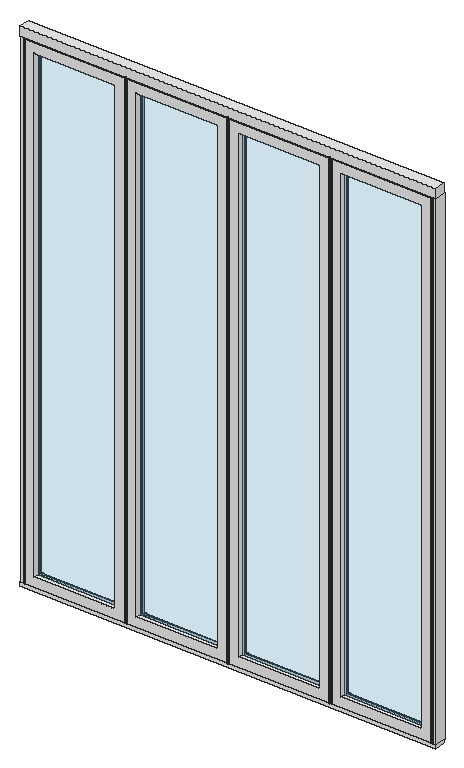
Revit family "98134", category Windows, host Wall, Revit 2018 (continued)
Definition of nested family "Header_SL-70"
  Definition of nested family "Detail Item_Header_SL-70"
    Lines and regions (mm)
      model lines, in view "Ref. Level"
        curve 145: arc (20.06, -15.836, 0) -> (21.121, -16.275, 0) -> (22.182, -15.836, 0) r 1.5
        curve 146: arc (16.621, -32.475, 0) -> (15.348, -33.002, 0) -> (14.821, -34.275, 0) r 1.8
        curve 147: arc (26.621, -27.475, 0) -> (25.348, -28.002, 0) -> (24.821, -29.275, 0) r 1.8
        curve 148: arc (37.121, -21.475, 0) -> (37.414, -22.182, 0) -> (38.121, -22.475, 0) r 1
        curve 149: arc (-9.443, -3.075, 0) -> (-9.193, -3.008, 0) -> (-9.01, -2.825, 0) r 0.5
        curve 150: arc (4.252, -2.825, 0) -> (4.435, -3.008, 0) -> (4.685, -3.075, 0) r 0.5
        curve 151: arc (-5.647, -1.8, 0) -> (-6.147, -1.934, 0) -> (-6.513, -2.3, 0) r 1
        curve 152: arc (1.755, -2.3, 0) -> (1.389, -1.934, 0) -> (0.889, -1.8, 0) r 1
        curve 153: arc (7.621, -2.15, 0) -> (7.562, -2.009, 0) -> (7.421, -1.95, 0) r 0.2
        curve 154: arc (7.421, -6.2, 0) -> (7.562, -6.141, 0) -> (7.621, -6, 0) r 0.2
        curve 155: arc (3.069, -4.575, 0) -> (3.435, -4.941, 0) -> (3.935, -5.075, 0) r 1
        curve 156: arc (-8.692, -5.075, 0) -> (-8.192, -4.941, 0) -> (-7.826, -4.575, 0) r 1
        curve 157: arc (-12.379, -6, 0) -> (-12.32, -6.141, 0) -> (-12.179, -6.2, 0) r 0.2
        curve 158: arc (-12.179, -1.95, 0) -> (-12.32, -2.009, 0) -> (-12.379, -2.15, 0) r 0.2
        curve 159: arc (2.765, -0.25, 0) -> (2.582, -0.067, 0) -> (2.332, 0, 0) r 0.5
        curve 160: arc (-7.09, 0, 0) -> (-7.34, -0.067, 0) -> (-7.523, -0.25, 0) r 0.5
        curve 161: arc (4.685, -21.275, 0) -> (4.435, -21.342, 0) -> (4.252, -21.525, 0) r 0.5
        curve 162: arc (-9.01, -21.525, 0) -> (-9.193, -21.342, 0) -> (-9.443, -21.275, 0) r 0.5
        curve 163: arc (0.889, -22.55, 0) -> (1.389, -22.416, 0) -> (1.755, -22.05, 0) r 1
        curve 164: arc (-6.513, -22.05, 0) -> (-6.147, -22.416, 0) -> (-5.647, -22.55, 0) r 1
        curve 165: arc (-12.379, -22.2, 0) -> (-12.32, -22.341, 0) -> (-12.179, -22.4, 0) r 0.2
        curve 166: arc (-12.179, -18.15, 0) -> (-12.32, -18.209, 0) -> (-12.379, -18.35, 0) r 0.2
        curve 167: arc (-7.826, -19.775, 0) -> (-8.192, -19.409, 0) -> (-8.692, -19.275, 0) r 1
        curve 168: arc (3.935, -19.275, 0) -> (3.435, -19.409, 0) -> (3.069, -19.775, 0) r 1
        curve 169: arc (7.621, -18.35, 0) -> (7.562, -18.209, 0) -> (7.421, -18.15, 0) r 0.2
        curve 170: arc (7.421, -22.4, 0) -> (7.562, -22.341, 0) -> (7.621, -22.2, 0) r 0.2
        curve 171: arc (-7.523, -24.1, 0) -> (-7.34, -24.283, 0) -> (-7.09, -24.35, 0) r 0.5
        curve 172: arc (2.332, -24.35, 0) -> (2.582, -24.283, 0) -> (2.765, -24.1, 0) r 0.5
        curve 209: line (-9.29, -0.075, 0) -> (-12.379, -0.075, 0)
        curve 210: line (-13.179, 0.725, 0) -> (-15.779, 0.725, 0)
        curve 211: line (-15.779, 0.725, 0) -> (-17.079, -0.575, 0)
        curve 212: line (-17.079, -0.575, 0) -> (-17.079, -1.529, 0)
        curve 213: line (-17.079, -1.529, 0) -> (-16.479, -1.875, 0)
        curve 214: line (-16.479, -1.875, 0) -> (-17.079, -2.221, 0)
        curve 215: line (-17.079, -2.221, 0) -> (-17.079, -3.129, 0)
        curve 216: line (-17.079, -3.129, 0) -> (-16.479, -3.475, 0)
        curve 217: line (-22.679, -20.975, 0) -> (-36.879, -20.975, 0)
        curve 218: line (-36.879, -20.975, 0) -> (-36.879, -6.075, 0)
        curve 219: line (-36.879, -6.075, 0) -> (-22.679, -6.075, 0)
        curve 220: line (-22.679, -6.075, 0) -> (-22.679, -20.975, 0)
        curve 221: line (-16.479, -3.475, 0) -> (-17.079, -3.821, 0)
        curve 222: line (-17.079, -3.821, 0) -> (-17.079, -4.729, 0)
        curve 223: line (-17.079, -4.729, 0) -> (-16.479, -5.075, 0)
        curve 224: line (-16.479, -5.075, 0) -> (-17.079, -5.421, 0)
        curve 225: line (-17.079, -5.421, 0) -> (-17.079, -6.329, 0)
        curve 226: line (-17.079, -6.329, 0) -> (-16.479, -6.675, 0)
        curve 227: line (-16.479, -6.675, 0) -> (-17.079, -7.021, 0)
        curve 228: line (-17.079, -7.021, 0) -> (-17.079, -7.929, 0)
        curve 229: line (-17.079, -7.929, 0) -> (-16.479, -8.275, 0)
        curve 230: line (-16.479, -8.275, 0) -> (-17.079, -8.621, 0)
        curve 231: line (-17.079, -8.621, 0) -> (-17.079, -9.975, 0)
        curve 232: line (-9.679, -5.163, 0) -> (-12.079, -6.548, 0)
        curve 233: line (-9.879, -16.763, 0) -> (-12.379, -15.319, 0)
        curve 234: line (-12.379, -15.319, 0) -> (-12.379, -9.031, 0)
        curve 235: line (-12.379, -9.031, 0) -> (-9.879, -7.587, 0)
        curve 236: line (-17.079, -9.975, 0) -> (-17.82, -10.716, 0)
        curve 237: line (-17.82, -10.999, 0) -> (-17.079, -11.741, 0)
        curve 238: line (-17.079, -11.741, 0) -> (-17.079, -12.975, 0)
        curve 239: line (-17.079, -12.975, 0) -> (-18.879, -14.775, 0)
        curve 240: line (-18.879, -14.775, 0) -> (-20.679, -12.975, 0)
        curve 241: line (-20.679, -12.975, 0) -> (-20.679, -11.741, 0)
        curve 242: line (-20.679, -11.741, 0) -> (-19.938, -10.999, 0)
        curve 243: line (-17.818, -15.836, 0) -> (-15.579, -13.596, 0)
        curve 244: line (-15.579, -13.596, 0) -> (-15.579, -9.975, 0)
        curve 245: line (-36.879, -59.275, 0) -> (-36.879, -49.475, 0)
        curve 246: line (-36.879, -49.475, 0) -> (-34.679, -49.475, 0)
        curve 247: line (-34.679, -49.475, 0) -> (-34.679, -51.475, 0)
        curve 248: line (-34.679, -51.475, 0) -> (-33.679, -51.475, 0)
        curve 249: line (-34.179, -58.275, 0) -> (-34.679, -58.275, 0)
        curve 250: line (-34.679, -58.275, 0) -> (-34.679, -59.775, 0)
        curve 251: line (-34.679, -59.775, 0) -> (-34.179, -59.775, 0)
        curve 252: line (-34.179, -59.775, 0) -> (-34.179, -62.26, 0)
        curve 253: line (-33.679, -51.475, 0) -> (-33.679, -49.475, 0)
        curve 254: line (-32.679, -57.775, 0) -> (-31.379, -57.775, 0)
        curve 255: line (-31.379, -57.775, 0) -> (-31.379, -58.975, 0)
        curve 256: line (-31.379, -58.975, 0) -> (-30.879, -58.975, 0)
        curve 257: line (-30.879, -62.075, 0) -> (-31.379, -62.075, 0)
        curve 258: line (-31.379, -62.075, 0) -> (-31.379, -63.275, 0)
        curve 259: line (-31.379, -63.275, 0) -> (-32.679, -63.275, 0)
        curve 260: line (-35.179, -47.975, 0) -> (-36.879, -47.975, 0)
        curve 261: line (-36.879, -47.975, 0) -> (-36.879, -22.475, 0)
        curve 262: line (-36.879, -22.475, 0) -> (-26.399, -22.475, 0)
        curve 263: line (-26.399, -22.475, 0) -> (-25.879, -22.175, 0)
        curve 264: line (-25.879, -22.175, 0) -> (-25.359, -22.475, 0)
        curve 265: line (-25.359, -22.475, 0) -> (-21.379, -22.475, 0)
        curve 266: line (-21.379, -22.475, 0) -> (-21.379, -47.275, 0)
        curve 267: line (-12.379, -44.375, 0) -> (-12.379, -24.275, 0)
        curve 268: line (-12.379, -24.275, 0) -> (-9.29, -24.275, 0)
        curve 269: line (-9.679, -21.363, 0) -> (-12.079, -22.748, 0)
        curve 270: line (-33.879, -64.275, 0) -> (-30.379, -64.275, 0)
        curve 271: line (-30.379, -64.275, 0) -> (-30.379, -62.575, 0)
        curve 272: line (-30.379, -58.475, 0) -> (-30.379, -57.775, 0)
        curve 273: line (-9.386, -2.866, 0) -> (-8.807, -0.704, 0)
        curve 274: line (-21.179, -20.975, 0) -> (-21.179, -15.803, 0)
        curve 275: line (-19.938, -10.716, 0) -> (-20.679, -9.975, 0)
        curve 276: line (-20.679, -9.975, 0) -> (-20.679, -9.421, 0)
        curve 277: line (-20.679, -9.421, 0) -> (-21.279, -9.075, 0)
        curve 278: line (-21.279, -9.075, 0) -> (-20.679, -8.729, 0)
        curve 279: line (-20.679, -8.729, 0) -> (-20.679, -7.821, 0)
        curve 280: line (-20.679, -7.821, 0) -> (-21.279, -7.475, 0)
        curve 281: line (-21.279, -7.475, 0) -> (-20.679, -7.129, 0)
        curve 282: line (-20.679, -7.129, 0) -> (-20.679, -6.221, 0)
        curve 283: line (-20.679, -6.221, 0) -> (-21.279, -5.875, 0)
        curve 284: line (-21.279, -5.875, 0) -> (-20.679, -5.529, 0)
        curve 285: line (-20.679, -5.529, 0) -> (-20.679, -4.621, 0)
        curve 286: line (-20.679, -4.621, 0) -> (-21.279, -4.275, 0)
        curve 287: line (-21.279, -4.275, 0) -> (-20.679, -3.929, 0)
        curve 288: line (-20.679, -3.929, 0) -> (-20.679, -3.021, 0)
        curve 289: line (-20.679, -3.021, 0) -> (-21.279, -2.675, 0)
        curve 290: line (-21.279, -2.675, 0) -> (-20.679, -2.329, 0)
        curve 291: line (-20.679, -2.329, 0) -> (-20.679, -1.421, 0)
        curve 292: line (-20.679, -1.421, 0) -> (-21.279, -1.075, 0)
        curve 293: line (-21.279, -1.075, 0) -> (-20.679, -0.729, 0)
        curve 294: line (-20.679, -0.575, 0) -> (-21.979, 0.725, 0)
        curve 295: line (-21.979, 0.725, 0) -> (-24.477, 0.725, 0)
        curve 296: line (-24.477, 0.725, 0) -> (-24.879, -0.775, 0)
        curve 297: line (-24.879, -0.775, 0) -> (-22.879, -0.775, 0)
        curve 298: line (-22.879, -0.775, 0) -> (-22.879, -4.275, 0)
        curve 299: line (-22.879, -4.275, 0) -> (-29.359, -4.275, 0)
        curve 300: line (-29.359, -4.275, 0) -> (-29.879, -4.575, 0)
        curve 301: line (-29.879, -4.575, 0) -> (-30.399, -4.275, 0)
        curve 302: line (-30.399, -4.275, 0) -> (-36.879, -4.275, 0)
        curve 303: line (-36.879, -4.275, 0) -> (-36.879, -0.775, 0)
        curve 304: line (-36.879, -0.775, 0) -> (-34.879, -0.775, 0)
        curve 305: line (-34.879, -0.775, 0) -> (-35.281, 0.725, 0)
        curve 306: line (-35.281, 0.725, 0) -> (-38.879, 0.725, 0)
        curve 307: line (-38.879, 0.725, 0) -> (-38.879, -59.275, 0)
        curve 308: line (-19.579, -47.075, 0) -> (-19.579, -37.275, 0)
        curve 309: line (-19.579, -37.275, 0) -> (-18.079, -37.275, 0)
        curve 310: line (-18.079, -37.275, 0) -> (-17.862, -39.012, 0)
        curve 311: line (-14.179, -9.975, 0) -> (-14.179, -35.475, 0)
        curve 312: line (-14.179, -35.475, 0) -> (-19.579, -35.475, 0)
        curve 313: line (-19.579, -35.475, 0) -> (-19.579, -22.472, 0)
        curve 314: line (-19.379, -47.975, 0) -> (-19.379, -47.358, 0)
        curve 315: line (-15.896, -39.012, 0) -> (-15.679, -37.275, 0)
        curve 316: line (-15.679, -37.275, 0) -> (-14.179, -37.275, 0)
        curve 317: line (-14.179, -37.275, 0) -> (-14.179, -44.375, 0)
        curve 318: line (-12.379, -22.575, 0) -> (-12.379, -17.975, 0)
        curve 319: line (-12.379, -6.375, 0) -> (-12.379, -1.775, 0)
        curve 320: line (-17.564, -39.275, 0) -> (-16.194, -39.275, 0)
        curve 321: line (-9.379, -19.014, 0) -> (-9.379, -17.629, 0)
        curve 322: line (-9.379, -6.721, 0) -> (-9.379, -5.336, 0)
        curve 323: line (-20.379, -48.275, 0) -> (-19.679, -48.275, 0)
        curve 324: line (-8.807, -23.646, 0) -> (-9.386, -21.484, 0)
        curve 325: line (-31.379, -56.775, 0) -> (-32.679, -56.775, 0)
        curve 326: line (-20.325, -15.45, 0) -> (-19.94, -15.836, 0)
        curve 327: line (-12.079, -17.802, 0) -> (-9.679, -19.187, 0)
        curve 328: line (-12.079, -1.602, 0) -> (-9.679, -2.987, 0)
        curve 329: line (4.532, -0.075, 0) -> (7.621, -0.075, 0)
        curve 330: line (16.621, -47.275, 0) -> (16.621, -34.275, 0)
        curve 331: line (16.621, -34.275, 0) -> (28.219, -34.275, 0)
        curve 332: line (28.219, -34.275, 0) -> (28.621, -32.775, 0)
        curve 333: line (28.621, -32.775, 0) -> (26.621, -32.775, 0)
        curve 334: line (26.621, -32.775, 0) -> (26.621, -29.275, 0)
        curve 335: line (26.621, -29.275, 0) -> (31.851, -29.275, 0)
        curve 336: line (31.851, -29.275, 0) -> (32.371, -28.975, 0)
        curve 337: line (32.371, -28.975, 0) -> (32.891, -29.275, 0)
        curve 338: line (32.891, -29.275, 0) -> (39.321, -29.275, 0)
        curve 339: line (39.321, -29.275, 0) -> (39.321, -32.775, 0)
        curve 340: line (39.321, -32.775, 0) -> (36.121, -32.775, 0)
        curve 341: line (36.121, -32.775, 0) -> (36.523, -34.275, 0)
        curve 342: line (36.523, -34.275, 0) -> (41.121, -34.275, 0)
        curve 343: line (41.121, -34.275, 0) -> (41.121, 0.725, 0)
        curve 344: line (41.121, 0.725, 0) -> (37.523, 0.725, 0)
        curve 345: line (37.523, 0.725, 0) -> (37.121, -0.775, 0)
        curve 346: line (37.121, -0.775, 0) -> (39.121, -0.775, 0)
        curve 347: line (39.121, -0.775, 0) -> (39.121, -4.275, 0)
        curve 348: line (39.121, -4.275, 0) -> (32.641, -4.275, 0)
        curve 349: line (32.641, -4.275, 0) -> (32.121, -4.575, 0)
        curve 350: line (32.121, -4.575, 0) -> (31.601, -4.275, 0)
        curve 351: line (31.601, -4.275, 0) -> (25.121, -4.275, 0)
        curve 352: line (25.121, -4.275, 0) -> (25.121, -0.775, 0)
        curve 353: line (25.121, -0.775, 0) -> (27.121, -0.775, 0)
        curve 354: line (27.121, -0.775, 0) -> (26.719, 0.725, 0)
        curve 355: line (7.321, -1.602, 0) -> (4.921, -2.987, 0)
        curve 356: line (26.719, 0.725, 0) -> (24.221, 0.725, 0)
        curve 357: line (24.221, 0.725, 0) -> (22.921, -0.575, 0)
        curve 358: line (22.921, -0.729, 0) -> (23.521, -1.075, 0)
        curve 359: line (23.521, -1.075, 0) -> (22.921, -1.421, 0)
        curve 360: line (22.921, -1.421, 0) -> (22.921, -2.329, 0)
        curve 361: line (22.921, -2.329, 0) -> (23.521, -2.675, 0)
        curve 362: line (26.921, -21.475, 0) -> (26.921, -20.975, 0)
        curve 363: line (26.921, -20.975, 0) -> (24.921, -20.975, 0)
        curve 364: line (24.921, -20.975, 0) -> (24.921, -6.075, 0)
        curve 365: line (24.921, -6.075, 0) -> (39.121, -6.075, 0)
        curve 366: line (39.121, -6.075, 0) -> (39.121, -20.975, 0)
        curve 367: line (39.121, -20.975, 0) -> (37.121, -20.975, 0)
        curve 368: line (37.121, -20.975, 0) -> (37.121, -21.475, 0)
        curve 369: line (24.921, -22.475, 0) -> (25.921, -22.475, 0)
        curve 370: line (7.621, -44.375, 0) -> (7.621, -24.275, 0)
        curve 371: line (7.621, -24.275, 0) -> (4.532, -24.275, 0)
        curve 372: line (23.521, -2.675, 0) -> (22.921, -3.021, 0)
        curve 373: line (22.921, -3.021, 0) -> (22.921, -3.929, 0)
        curve 374: line (22.921, -3.929, 0) -> (23.521, -4.275, 0)
        curve 375: line (23.521, -4.275, 0) -> (22.921, -4.621, 0)
        curve 376: line (22.921, -4.621, 0) -> (22.921, -5.529, 0)
        curve 377: line (22.921, -5.529, 0) -> (23.521, -5.875, 0)
        curve 378: line (23.521, -5.875, 0) -> (22.921, -6.221, 0)
        curve 379: line (22.921, -6.221, 0) -> (22.921, -7.129, 0)
        curve 380: line (22.921, -7.129, 0) -> (23.521, -7.475, 0)
        curve 381: line (5.121, -16.763, 0) -> (7.621, -15.319, 0)
        curve 382: line (7.621, -15.319, 0) -> (7.621, -9.031, 0)
        curve 383: line (7.621, -9.031, 0) -> (5.121, -7.587, 0)
        curve 384: line (38.121, -22.475, 0) -> (39.121, -22.475, 0)
        curve 385: line (39.121, -22.475, 0) -> (39.121, -27.475, 0)
        curve 386: line (39.121, -27.475, 0) -> (26.621, -27.475, 0)
        curve 387: line (23.521, -7.475, 0) -> (22.921, -7.821, 0)
        curve 388: line (22.921, -7.821, 0) -> (22.921, -8.729, 0)
        curve 389: line (22.921, -8.729, 0) -> (23.521, -9.075, 0)
        curve 390: line (7.321, -17.802, 0) -> (4.921, -19.187, 0)
        curve 391: line (23.521, -9.075, 0) -> (22.921, -9.421, 0)
        curve 392: line (22.921, -9.421, 0) -> (22.921, -9.975, 0)
        curve 393: line (24.821, -29.275, 0) -> (24.821, -32.475, 0)
        curve 394: line (24.821, -32.475, 0) -> (16.621, -32.475, 0)
        curve 395: line (14.821, -34.275, 0) -> (14.821, -35.475, 0)
        curve 396: line (14.821, -35.475, 0) -> (9.421, -35.475, 0)
        curve 397: line (9.421, -35.475, 0) -> (9.421, -1.075, 0)
        curve 398: line (9.421, -1.075, 0) -> (17.221, -1.075, 0)
        curve 399: line (17.221, -1.075, 0) -> (17.221, -9.141, 0)
        curve 400: line (17.221, -9.141, 0) -> (17.821, -9.487, 0)
        curve 401: line (17.821, -9.487, 0) -> (17.821, -13.596, 0)
        curve 402: line (17.821, -13.596, 0) -> (20.06, -15.836, 0)
        curve 403: line (9.421, -44.375, 0) -> (9.421, -37.275, 0)
        curve 404: line (9.421, -37.275, 0) -> (10.921, -37.275, 0)
        curve 405: line (10.921, -37.275, 0) -> (11.138, -39.012, 0)
        curve 406: line (13.104, -39.012, 0) -> (13.321, -37.275, 0)
        curve 407: line (13.321, -37.275, 0) -> (14.821, -37.275, 0)
        curve 408: line (14.821, -37.275, 0) -> (14.821, -47.075, 0)
        curve 409: line (11.436, -39.275, 0) -> (12.806, -39.275, 0)
        curve 410: line (22.921, -9.975, 0) -> (22.18, -10.716, 0)
        curve 411: line (22.18, -10.999, 0) -> (22.921, -11.741, 0)
        curve 412: line (22.921, -11.741, 0) -> (22.921, -12.975, 0)
        curve 413: line (22.921, -12.975, 0) -> (21.121, -14.775, 0)
        curve 414: line (21.121, -14.775, 0) -> (19.321, -12.975, 0)
        curve 415: line (19.321, -12.975, 0) -> (19.321, -11.741, 0)
        curve 416: line (19.321, -11.741, 0) -> (20.062, -10.999, 0)
        curve 417: line (22.182, -15.836, 0) -> (22.568, -15.45, 0)
        curve 418: line (15.621, -48.275, 0) -> (14.921, -48.275, 0)
        curve 419: line (4.049, -23.646, 0) -> (4.628, -21.484, 0)
        curve 420: line (4.621, -19.014, 0) -> (4.621, -17.629, 0)
        curve 421: line (4.621, -6.721, 0) -> (4.621, -5.336, 0)
        curve 422: line (7.621, -22.575, 0) -> (7.621, -17.975, 0)
        curve 423: line (7.621, -6.375, 0) -> (7.621, -1.775, 0)
        curve 424: line (14.621, -47.975, 0) -> (14.621, -47.358, 0)
        curve 425: line (20.062, -10.716, 0) -> (19.321, -9.975, 0)
        curve 426: line (19.321, -9.975, 0) -> (19.321, -8.621, 0)
        curve 427: line (19.321, -8.621, 0) -> (18.721, -8.275, 0)
        curve 428: line (18.721, -8.275, 0) -> (19.321, -7.929, 0)
        curve 429: line (19.321, -7.929, 0) -> (19.321, -7.021, 0)
        curve 430: line (19.321, -7.021, 0) -> (18.721, -6.675, 0)
        curve 431: line (18.721, -6.675, 0) -> (19.321, -6.329, 0)
        curve 432: line (19.321, -6.329, 0) -> (19.321, -5.421, 0)
        curve 433: line (19.321, -5.421, 0) -> (18.721, -5.075, 0)
        curve 434: line (18.721, -5.075, 0) -> (19.321, -4.729, 0)
        curve 435: line (19.321, -4.729, 0) -> (19.321, -3.821, 0)
        curve 436: line (19.321, -3.821, 0) -> (18.721, -3.475, 0)
        curve 437: line (18.721, -3.475, 0) -> (19.321, -3.129, 0)
        curve 438: line (19.321, -3.129, 0) -> (19.321, -2.221, 0)
        curve 439: line (19.321, -2.221, 0) -> (18.721, -1.875, 0)
        curve 440: line (18.721, -1.875, 0) -> (19.321, -1.529, 0)
        curve 441: line (19.321, -1.529, 0) -> (19.321, -0.575, 0)
        curve 442: line (19.321, -0.575, 0) -> (18.021, 0.725, 0)
        curve 443: line (18.021, 0.725, 0) -> (8.421, 0.725, 0)
        curve 444: line (4.628, -2.866, 0) -> (4.049, -0.704, 0)
        curve 445: line (23.421, -15.803, 0) -> (23.421, -20.975, 0)
        curve 446: line (4.921, -21.363, 0) -> (7.321, -22.748, 0)
        curve 447: line (4.921, -5.163, 0) -> (7.321, -6.548, 0)
        curve 448: line (-7.09, 0, 0) -> (2.332, 0, 0)
        curve 449: line (0.889, -1.8, 0) -> (-5.647, -1.8, 0)
        curve 450: line (-12.179, -1.95, 0) -> (-11.639, -1.95, 0)
        curve 451: line (-11.639, -1.95, 0) -> (-9.69, -3.075, 0)
        curve 452: line (-9.69, -3.075, 0) -> (-9.443, -3.075, 0)
        curve 453: line (4.685, -3.075, 0) -> (4.933, -3.075, 0)
        curve 454: line (4.933, -3.075, 0) -> (6.881, -1.95, 0)
        curve 455: line (6.881, -1.95, 0) -> (7.421, -1.95, 0)
        curve 456: line (7.421, -6.2, 0) -> (6.881, -6.2, 0)
        curve 457: line (6.881, -6.2, 0) -> (4.933, -5.075, 0)
        curve 458: line (4.933, -5.075, 0) -> (3.935, -5.075, 0)
        curve 459: line (-8.692, -5.075, 0) -> (-9.69, -5.075, 0)
        curve 460: line (-9.69, -5.075, 0) -> (-11.639, -6.2, 0)
        curve 461: line (-11.639, -6.2, 0) -> (-12.179, -6.2, 0)
        curve 462: line (-9.01, -2.825, 0) -> (-7.523, -0.25, 0)
        curve 463: line (-6.513, -2.3, 0) -> (-7.826, -4.575, 0)
        curve 464: line (-12.379, -6, 0) -> (-12.379, -2.15, 0)
        curve 465: line (7.621, -2.15, 0) -> (7.621, -6, 0)
        curve 466: line (3.069, -4.575, 0) -> (1.755, -2.3, 0)
        curve 467: line (2.765, -0.25, 0) -> (4.252, -2.825, 0)
        curve 468: line (-12.179, -18.15, 0) -> (-11.639, -18.15, 0)
        curve 469: line (-11.639, -18.15, 0) -> (-9.69, -19.275, 0)
        curve 470: line (-9.69, -19.275, 0) -> (-8.692, -19.275, 0)
        curve 471: line (3.935, -19.275, 0) -> (4.933, -19.275, 0)
        curve 472: line (4.933, -19.275, 0) -> (6.881, -18.15, 0)
        curve 473: line (6.881, -18.15, 0) -> (7.421, -18.15, 0)
        curve 474: line (7.421, -22.4, 0) -> (6.881, -22.4, 0)
        curve 475: line (6.881, -22.4, 0) -> (4.933, -21.275, 0)
        curve 476: line (4.933, -21.275, 0) -> (4.685, -21.275, 0)
        curve 477: line (-9.443, -21.275, 0) -> (-9.69, -21.275, 0)
        curve 478: line (-9.69, -21.275, 0) -> (-11.639, -22.4, 0)
        curve 479: line (-11.639, -22.4, 0) -> (-12.179, -22.4, 0)
        curve 480: line (-5.647, -22.55, 0) -> (0.889, -22.55, 0)
        curve 481: line (2.332, -24.35, 0) -> (-7.09, -24.35, 0)
        curve 482: line (-12.379, -22.2, 0) -> (-12.379, -18.35, 0)
        curve 483: line (1.755, -22.05, 0) -> (3.069, -19.775, 0)
        curve 484: line (4.252, -21.525, 0) -> (2.765, -24.1, 0)
        curve 485: line (7.621, -18.35, 0) -> (7.621, -22.2, 0)
        curve 486: line (-7.523, -24.1, 0) -> (-9.01, -21.525, 0)
        curve 487: line (-7.826, -19.775, 0) -> (-6.513, -22.05, 0)
        curve 518: line (-27.079, -57.775, 0) -> (-27.079, -61.175, 0)
        curve 528: line (7.121, -78.405, 0) -> (7.121, -78.605, 0)
        curve 828: line (7.121, -78.605, 0) -> (7.121, -78.405, 0)
Definition of nested family "Sill_SL-70"
  Parameters
    Width = 120"
    Sill = none
    Height = 0"
    Half = no
    Assembly Code = ""
  Reference planes
    plane 1 "Center (Front/Back)": y = 0
    plane 2: z = 0
    plane 3 "Center (Left/Right)": x = -185.473
    plane 4 "Left": x = -1709.473
    plane 5 "Right": x = 1338.527
    plane 6 "Top": z = 0
  Forms (mm)
    Sweep 1, solid, material <- "Sill"
      path origin (-1704.233, 4575.473, 0) x (-1, 0, 0) y (0, -1, 0)
        loop
          line (5.24, 4572) -> (-3042.76, 4572)
      profile "Profile_Sill_SL-70 : Profile_Sill_SL-70" origin (-185.473, 3.473, 0) x (0, 1, 0) y (0, 0, 1)
        loop
          line (36.5, 0) -> (36.5, 23.416) -> (-43.5, 23.416) -> (-43.5, 0) -> (36.5, 0)
  Dimensions and locks
    equal spacing: plane 4 "Left", plane 3 "Center (Left/Right)", plane 5 "Right"
    "Width": plane 4 "Left" to plane 5 "Right"
    "Height": plane 6 "Top" to level
    aligned and locked: level to nested 1
  Automatic sketch dimensions
    Sweep 1 sketch curve to plane 1 "Center (Front/Back)" = 35/256"
    Sweep 1 sketch curve to plane 5 "Right" = 0"
    Sweep 1 sketch curve to plane 4 "Left" = 0"
  Nested families
    nested 1: "Detail Item_Sill_SL-70" at (-185.473, -2.897, 0) x (0, -1, 0) z (1, 0, 0), type "Detail Item_Sill_SL-70", detail levels fine
      with Half no
  Definition of nested family "Detail Item_Sill_SL-70"
    Parameters
      Half = yes
      Assembly Code = ""
    Reference planes
      plane 1 "Center (Front/Back)": y = 0
      plane 2: z = 0
      plane 3 "Center (Left/Right)": x = 0
    Lines and regions (mm)
      model lines, in view "Ref. Level", visible <- "Half"
        curve 1: arc (4.131, 52.75, 0) -> (3.838, 53.457, 0) -> (3.131, 53.75, 0) r 1
        curve 2: arc (-15.869, 53.75, 0) -> (-16.576, 53.457, 0) -> (-16.869, 52.75, 0) r 1
        curve 8: arc (-1.869, 45.5, 0) -> (-1.516, 45.646, 0) -> (-1.369, 46, 0) r 0.5
        curve 9: arc (0.631, 46.5, 0) -> (0.984, 46.646, 0) -> (1.131, 47, 0) r 0.5
        curve 10: arc (-0.869, 46.5, 0) -> (-1.223, 46.354, 0) -> (-1.369, 46, 0) r 0.5
        curve 12: arc (-9.302, 44.75, 0) -> (-9.352, 44.629, 0) -> (-9.369, 44.5, 0) r 0.5
        curve 13: arc (-3.369, 44.5, 0) -> (-3.386, 44.629, 0) -> (-3.436, 44.75, 0) r 0.5
        curve 14: arc (-11.369, 46, 0) -> (-11.223, 45.646, 0) -> (-10.869, 45.5, 0) r 0.5
        curve 15: arc (-13.869, 47, 0) -> (-13.723, 46.646, 0) -> (-13.369, 46.5, 0) r 0.5
        curve 16: arc (-11.369, 46, 0) -> (-11.516, 46.354, 0) -> (-11.869, 46.5, 0) r 0.5
        curve 17: line (9.308, 49.678, 0) -> (9.631, 50, 0)
        curve 18: line (9.631, 50, 0) -> (9.631, 61.9, 0)
        curve 19: line (9.131, 49.769, 0) -> (9.131, 61.9, 0)
        curve 20: line (5.431, 57.028, 0) -> (5.431, 47.5, 0)
        curve 21: line (5.431, 47.5, 0) -> (4.131, 47.5, 0)
        curve 22: line (4.131, 47.5, 0) -> (4.131, 60.3, 0)
        curve 23: line (-18.17, 57, 0) -> (-18.17, 47.5, 0)
        curve 24: line (-18.17, 47.5, 0) -> (-16.869, 47.5, 0)
        curve 25: line (-16.869, 47.5, 0) -> (-16.869, 57, 0)
        curve 26: line (-21.869, 61.9, 0) -> (-21.869, 49.812, 0)
        curve 27: line (-22.369, 61.9, 0) -> (-22.369, 50, 0)
        curve 28: line (-22.369, 50, 0) -> (-22.082, 49.713, 0)
        curve 29: line (1.131, 47, 0) -> (1.131, 60.3, 0)
        curve 30: line (-13.869, 60.197, 0) -> (-13.869, 47, 0)
        curve 33: line (-10.869, 45.5, 0) -> (-1.869, 45.5, 0)
        curve 34: line (-13.369, 46.5, 0) -> (0.631, 46.5, 0)
        curve 35: line (-13.351, 53, 0) -> (0.613, 53, 0)
        curve 36: line (1.131, 53.75, 0) -> (3.131, 53.75, 0)
        curve 37: line (-9.302, 44.75, 0) -> (-8.869, 45.5, 0)
        curve 38: line (-3.436, 44.75, 0) -> (-3.869, 45.5, 0)
        curve 39: line (-13.869, 53.75, 0) -> (-15.869, 53.75, 0)
        curve 75: arc (5.431, 45.1, 0) -> (4.531, 46, 0) -> (3.631, 45.1, 0) r 0.9
        curve 117: arc (37.131, 42, 0) -> (34.801, 42.15, 0) -> (32.472, 42, 0) r 18.161
        curve 118: arc (32.331, 43.5, 0) -> (32.172, 43.422, 0) -> (32.138, 43.248, 0) r 0.2
        curve 119: arc (8.631, 57, 0) -> (9.338, 57.293, 0) -> (9.631, 58, 0) r 1
        curve 120: arc (7.631, 57, 0) -> (6.947, 57.478, 0) -> (6.205, 57.096, 0) r 0.808
        curve 121: arc (6.918, 58.987, 0) -> (7.225, 58.703, 0) -> (7.631, 58.6, 0) r 0.85
        curve 122: arc (7.231, 59.2, 0) -> (7.514, 59.317, 0) -> (7.631, 59.6, 0) r 0.4
        curve 123: arc (6.918, 58.987, 0) -> (6.797, 59.132, 0) -> (6.647, 59.244, 0) r 0.8
        curve 124: arc (4.494, 57.215, 0) -> (4.533, 57.035, 0) -> (4.704, 56.964, 0) r 0.2
        curve 125: arc (5.244, 60.139, 0) -> (4.954, 60.259, 0) -> (4.644, 60.3, 0) r 1.2
        curve 126: arc (7.617, 65.207, 0) -> (5.824, 65.07, 0) -> (5.157, 63.4, 0) r 1.7
        curve 127: arc (7.631, 63, 0) -> (7.514, 63.283, 0) -> (7.231, 63.4, 0) r 0.4
        curve 128: arc (-20.169, 58.5, 0) -> (-20.328, 58.422, 0) -> (-20.362, 58.248, 0) r 0.2
        curve 129: arc (-13.443, 56.964, 0) -> (-13.272, 57.035, 0) -> (-13.232, 57.215, 0) r 0.2
        curve 130: arc (-13.383, 60.3, 0) -> (-13.693, 60.259, 0) -> (-13.983, 60.139, 0) r 1.2
        curve 131: arc (-14.943, 57.096, 0) -> (-15.685, 57.478, 0) -> (-16.369, 57, 0) r 0.808
        curve 132: arc (-16.369, 58.6, 0) -> (-15.964, 58.703, 0) -> (-15.656, 58.987, 0) r 0.85
        curve 133: arc (-15.385, 59.244, 0) -> (-15.536, 59.132, 0) -> (-15.656, 58.987, 0) r 0.8
        curve 134: arc (-16.369, 59.6, 0) -> (-16.252, 59.317, 0) -> (-15.969, 59.2, 0) r 0.4
        curve 135: arc (-28.211, 57, 0) -> (-30.54, 57.15, 0) -> (-32.869, 57, 0) r 18.161
        curve 136: arc (-27.876, 58.248, 0) -> (-27.911, 58.422, 0) -> (-28.069, 58.5, 0) r 0.2
        curve 137: arc (10.581, 47.5, 0) -> (8.081, 50, 0) -> (5.581, 47.5, 0) r 2.5
        curve 138: arc (9.581, 47.5, 0) -> (8.081, 49, 0) -> (6.581, 47.5, 0) r 1.5
        curve 139: arc (-18.419, 47.5, 0) -> (-20.919, 50, 0) -> (-23.419, 47.5, 0) r 2.5
        curve 140: arc (-19.419, 47.5, 0) -> (-20.919, 49, 0) -> (-22.419, 47.5, 0) r 1.5
        curve 144: arc (18.031, 50.4, 0) -> (18.384, 50.546, 0) -> (18.531, 50.9, 0) r 0.5
        curve 145: arc (18.531, 53.3, 0) -> (18.384, 53.654, 0) -> (18.031, 53.8, 0) r 0.5
        curve 146: arc (17.031, 53.8, 0) -> (16.677, 53.654, 0) -> (16.531, 53.3, 0) r 0.5
        curve 147: arc (16.131, 54.75, 0) -> (16.175, 54.644, 0) -> (16.281, 54.6, 0) r 0.15
        curve 148: arc (15.931, 56.7, 0) -> (15.224, 56.407, 0) -> (14.931, 55.7, 0) r 1
        curve 149: arc (17.629, 55.6, 0) -> (17.416, 55.481, 0) -> (17.406, 55.237, 0) r 0.25
        curve 150: arc (12.743, 49.773, 0) -> (12.697, 46.531, 0) -> (13.348, 43.354, 0) r 15
        curve 151: arc (13.934, 49.627, 0) -> (13.884, 46.725, 0) -> (14.442, 43.876, 0) r 13.8
        curve 152: arc (15.988, 42.58, 0) -> (17.387, 44.353, 0) -> (17.928, 46.546, 0) r 5.341
        curve 153: arc (13.934, 49.627, 0) -> (13.412, 50.295, 0) -> (12.743, 49.773, 0) r 0.6
        curve 154: arc (16.281, 49.6, 0) -> (16.175, 49.556, 0) -> (16.131, 49.45, 0) r 0.15
        curve 155: arc (16.531, 50.9, 0) -> (16.677, 50.546, 0) -> (17.031, 50.4, 0) r 0.5
        curve 156: arc (16.131, 46.85, 0) -> (16.175, 46.744, 0) -> (16.281, 46.7, 0) r 0.15
        curve 157: arc (17.625, 48.963, 0) -> (17.635, 48.719, 0) -> (17.848, 48.6, 0) r 0.25
        curve 158: arc (17.928, 46.546, 0) -> (17.886, 46.655, 0) -> (17.779, 46.7, 0) r 0.15
        curve 159: arc (13.348, 43.354, 0) -> (14.463, 42.267, 0) -> (15.988, 42.58, 0) r 1.662
        curve 160: arc (14.442, 43.876, 0) -> (14.718, 43.703, 0) -> (14.931, 43.95, 0) r 0.25
        curve 161: arc (11.461, 94.856, 0) -> (11.475, 95.763, 0) -> (10.75, 96.308, 0) r 1
        curve 162: arc (11.455, 98.158, 0) -> (10.226, 100.34, 0) -> (7.939, 101.364, 0) r 4
        curve 163: arc (10.993, 97.687, 0) -> (11.348, 97.801, 0) -> (11.455, 98.158, 0) r 0.4
        curve 164: arc (8.187, 103.145, 0) -> (7.139, 102.383, 0) -> (7.939, 101.364, 0) r 0.9
        curve 165: arc (7.952, 98.223, 0) -> (7.141, 97.655, 0) -> (7.709, 96.844, 0) r 0.7
        curve 166: arc (7.223, 86.833, 0) -> (7.557, 85.752, 0) -> (8.638, 86.085, 0) r 0.8
        curve 167: arc (-19.395, 96.845, 0) -> (-18.46, 96.885, 0) -> (-17.548, 97.096, 0) r 5.106
        curve 168: arc (-18.079, 102.187, 0) -> (-19.477, 101.691, 0) -> (-20.702, 100.855, 0) r 5.76
        curve 169: arc (-19.395, 96.845, 0) -> (-19.764, 96.708, 0) -> (-19.919, 96.346, 0) r 0.5
        curve 170: arc (-22.086, 95.05, 0) -> (-22.312, 95.973, 0) -> (-22.939, 96.688, 0) r 2
        curve 171: arc (-20.669, 90.1, 0) -> (-20.123, 90.34, 0) -> (-19.919, 90.9, 0) r 0.759
        curve 172: arc (-22.939, 92.412, 0) -> (-22.312, 93.127, 0) -> (-22.086, 94.05, 0) r 2
        curve 173: arc (-23.181, 92.242, 0) -> (-23.392, 91.876, 0) -> (-23.248, 91.479, 0) r 0.5
        curve 174: arc (-23.248, 97.621, 0) -> (-23.392, 97.224, 0) -> (-23.181, 96.858, 0) r 0.5
        curve 175: arc (-20.702, 100.855, 0) -> (-20.822, 100.695, 0) -> (-20.869, 100.5, 0) r 0.5
        curve 176: arc (-16.869, 101.209, 0) -> (-17.241, 101.987, 0) -> (-18.079, 102.187, 0) r 1
        curve 177: arc (-17.548, 97.096, 0) -> (-17.056, 97.46, 0) -> (-16.869, 98.043, 0) r 1
        curve 233: arc (-13.311, 79.13, 0) -> (-13.494, 79.068, 0) -> (-13.601, 78.908, 0) r 0.3
        curve 234: arc (-11.869, 79.33, 0) -> (-12.141, 79.931, 0) -> (-12.772, 80.124, 0) r 0.8
        curve 235: arc (-13.024, 80.218, 0) -> (-12.909, 80.146, 0) -> (-12.774, 80.133, 0) r 0.3
        curve 236: arc (-13.284, 80.478, 0) -> (-13.357, 80.524, 0) -> (-13.443, 80.536, 0) r 0.2
        curve 237: arc (-16.369, 80.5, 0) -> (-15.685, 80.022, 0) -> (-14.943, 80.404, 0) r 0.808
        curve 238: arc (-20.362, 79.252, 0) -> (-20.328, 79.078, 0) -> (-20.169, 79, 0) r 0.2
        curve 239: arc (-26.091, 98.695, 0) -> (-29.624, 97.098, 0) -> (-31.069, 93.5, 0) r 5.2
        curve 240: arc (-25.569, 98.196, 0) -> (-25.723, 98.557, 0) -> (-26.091, 98.695, 0) r 0.5
        curve 241: arc (-25.569, 90.2, 0) -> (-25.13, 89.139, 0) -> (-24.069, 88.7, 0) r 1.5
        curve 242: arc (-22.069, 88.7, 0) -> (-21.221, 89.051, 0) -> (-20.869, 89.9, 0) r 1.2
        curve 243: arc (-25.869, 100.5, 0) -> (-30.819, 98.45, 0) -> (-32.869, 93.5, 0) r 7
        curve 244: arc (-28.211, 57, 0) -> (-30.54, 57.15, 0) -> (-32.869, 57, 0) r 18.161
        curve 245: arc (-27.876, 58.248, 0) -> (-27.911, 58.422, 0) -> (-28.069, 58.5, 0) r 0.2
        curve 246: arc (-20.169, 58.5, 0) -> (-20.328, 58.422, 0) -> (-20.362, 58.248, 0) r 0.2
        curve 247: arc (-14.943, 57.096, 0) -> (-15.685, 57.478, 0) -> (-16.369, 57, 0) r 0.808
        curve 248: arc (-13.443, 56.964, 0) -> (-13.272, 57.035, 0) -> (-13.232, 57.215, 0) r 0.2
        curve 249: arc (4.862, 78.908, 0) -> (4.755, 79.068, 0) -> (4.573, 79.13, 0) r 0.3
        curve 250: arc (4.034, 80.124, 0) -> (3.403, 79.931, 0) -> (3.131, 79.33, 0) r 0.8
        curve 251: arc (4.035, 80.133, 0) -> (4.17, 80.146, 0) -> (4.286, 80.218, 0) r 0.3
        curve 252: arc (4.704, 80.536, 0) -> (4.618, 80.524, 0) -> (4.545, 80.478, 0) r 0.2
        curve 253: arc (6.205, 80.404, 0) -> (6.946, 80.022, 0) -> (7.63, 80.499, 0) r 0.808
        curve 254: arc (11.431, 79, 0) -> (11.589, 79.078, 0) -> (11.624, 79.252, 0) r 0.2
        curve 255: arc (19.138, 79.252, 0) -> (19.172, 79.078, 0) -> (19.331, 79, 0) r 0.2
        curve 256: arc (24.431, 79, 0) -> (24.589, 79.078, 0) -> (24.624, 79.252, 0) r 0.2
        curve 257: arc (32.138, 79.252, 0) -> (32.172, 79.078, 0) -> (32.331, 79, 0) r 0.2
        curve 258: arc (32.472, 80.5, 0) -> (34.801, 80.35, 0) -> (37.131, 80.5, 0) r 18.161
        curve 259: arc (37.131, 42, 0) -> (34.801, 42.15, 0) -> (32.472, 42, 0) r 18.161
        curve 260: arc (32.331, 43.5, 0) -> (32.172, 43.422, 0) -> (32.138, 43.248, 0) r 0.2
        curve 261: arc (24.624, 43.248, 0) -> (24.589, 43.422, 0) -> (24.431, 43.5, 0) r 0.2
        curve 262: arc (21.131, 43.193, 0) -> (21.393, 42.517, 0) -> (22.044, 42.196, 0) r 1
        curve 263: arc (16.131, 47.9, 0) -> (16.424, 47.193, 0) -> (17.131, 46.9, 0) r 1
        curve 264: arc (16.631, 49.6, 0) -> (16.277, 49.454, 0) -> (16.131, 49.1, 0) r 0.5
        curve 265: arc (16.131, 55.1, 0) -> (16.277, 54.746, 0) -> (16.631, 54.6, 0) r 0.5
        curve 266: arc (8.631, 57, 0) -> (9.338, 57.293, 0) -> (9.631, 58, 0) r 1
        curve 267: arc (7.631, 57, 0) -> (6.947, 57.478, 0) -> (6.205, 57.096, 0) r 0.808
        curve 268: arc (4.494, 57.215, 0) -> (4.533, 57.035, 0) -> (4.704, 56.964, 0) r 0.2
        curve 269: arc (14.131, 89.5, 0) -> (14.424, 88.793, 0) -> (15.131, 88.5, 0) r 1
        curve 270: arc (14.131, 89.5, 0) -> (14.424, 88.793, 0) -> (15.131, 88.5, 0) r 1
        curve 271: arc (14.131, 89.5, 0) -> (14.424, 88.793, 0) -> (15.131, 88.5, 0) r 1
        curve 272: arc (14.131, 89.5, 0) -> (14.424, 88.793, 0) -> (15.131, 88.5, 0) r 1
        curve 273: arc (14.431, 90.9, 0) -> (14.219, 90.812, 0) -> (14.131, 90.6, 0) r 0.3
        curve 274: arc (14.431, 90.9, 0) -> (14.219, 90.812, 0) -> (14.131, 90.6, 0) r 0.3
        curve 275: arc (14.431, 90.9, 0) -> (14.219, 90.812, 0) -> (14.131, 90.6, 0) r 0.3
        curve 276: arc (14.431, 90.9, 0) -> (14.219, 90.812, 0) -> (14.131, 90.6, 0) r 0.3
        curve 277: arc (14.131, 98.3, 0) -> (14.219, 98.088, 0) -> (14.431, 98, 0) r 0.3
        curve 278: arc (14.131, 98.3, 0) -> (14.219, 98.088, 0) -> (14.431, 98, 0) r 0.3
        curve 279: arc (14.131, 98.3, 0) -> (14.219, 98.088, 0) -> (14.431, 98, 0) r 0.3
        curve 280: arc (14.131, 98.3, 0) -> (14.219, 98.088, 0) -> (14.431, 98, 0) r 0.3
        curve 281: arc (32.331, 82.1, 0) -> (31.482, 81.749, 0) -> (31.131, 80.9, 0) r 1.2
        curve 282: arc (23.677, 82.046, 0) -> (23.569, 81.884, 0) -> (23.531, 81.693, 0) r 0.5
        curve 283: arc (32.331, 82.1, 0) -> (31.482, 81.749, 0) -> (31.131, 80.9, 0) r 1.2
        curve 284: arc (23.677, 82.046, 0) -> (23.569, 81.884, 0) -> (23.531, 81.693, 0) r 0.5
        curve 285: arc (32.331, 82.1, 0) -> (31.482, 81.749, 0) -> (31.131, 80.9, 0) r 1.2
        curve 286: arc (23.677, 82.046, 0) -> (23.569, 81.884, 0) -> (23.531, 81.693, 0) r 0.5
        curve 287: arc (32.331, 82.1, 0) -> (31.482, 81.749, 0) -> (31.131, 80.9, 0) r 1.2
        curve 288: arc (23.677, 82.046, 0) -> (23.569, 81.884, 0) -> (23.531, 81.693, 0) r 0.5
        curve 289: arc (23.806, 77.45, 0) -> (23.989, 77.267, 0) -> (24.239, 77.2, 0) r 0.5
        curve 290: arc (23.806, 77.45, 0) -> (23.989, 77.267, 0) -> (24.239, 77.2, 0) r 0.5
        curve 291: arc (23.806, 77.45, 0) -> (23.989, 77.267, 0) -> (24.239, 77.2, 0) r 0.5
        curve 292: arc (23.806, 77.45, 0) -> (23.989, 77.267, 0) -> (24.239, 77.2, 0) r 0.5
        curve 293: arc (24.831, 77.2, 0) -> (25.184, 77.346, 0) -> (25.331, 77.7, 0) r 0.5
        curve 294: arc (24.831, 77.2, 0) -> (25.184, 77.346, 0) -> (25.331, 77.7, 0) r 0.5
        curve 295: arc (24.831, 77.2, 0) -> (25.184, 77.346, 0) -> (25.331, 77.7, 0) r 0.5
        curve 296: arc (24.831, 77.2, 0) -> (25.184, 77.346, 0) -> (25.331, 77.7, 0) r 0.5
        curve 297: arc (23.431, 79, 0) -> (23.171, 78.85, 0) -> (23.171, 78.55, 0) r 0.3
        curve 298: arc (23.431, 79, 0) -> (23.171, 78.85, 0) -> (23.171, 78.55, 0) r 0.3
        curve 299: arc (23.431, 79, 0) -> (23.171, 78.85, 0) -> (23.171, 78.55, 0) r 0.3
        curve 300: arc (23.431, 79, 0) -> (23.171, 78.85, 0) -> (23.171, 78.55, 0) r 0.3
        curve 301: arc (32.389, 77.893, 0) -> (32.448, 78.034, 0) -> (32.389, 78.176, 0) r 0.2
        curve 302: arc (32.389, 77.893, 0) -> (32.448, 78.034, 0) -> (32.389, 78.176, 0) r 0.2
        curve 303: arc (32.389, 77.893, 0) -> (32.448, 78.034, 0) -> (32.389, 78.176, 0) r 0.2
        curve 304: arc (32.389, 77.893, 0) -> (32.448, 78.034, 0) -> (32.389, 78.176, 0) r 0.2
        curve 305: arc (31.131, 77.6, 0) -> (31.378, 77.23, 0) -> (31.814, 77.317, 0) r 0.4
        curve 306: arc (31.131, 77.6, 0) -> (31.378, 77.23, 0) -> (31.814, 77.317, 0) r 0.4
        curve 307: arc (31.131, 77.6, 0) -> (31.378, 77.23, 0) -> (31.814, 77.317, 0) r 0.4
        curve 308: arc (31.131, 77.6, 0) -> (31.378, 77.23, 0) -> (31.814, 77.317, 0) r 0.4
        curve 309: arc (17.131, 88.5, 0) -> (17.979, 88.851, 0) -> (18.331, 89.7, 0) r 1.2
        curve 310: arc (17.131, 88.5, 0) -> (17.979, 88.851, 0) -> (18.331, 89.7, 0) r 1.2
        curve 311: arc (17.131, 88.5, 0) -> (17.979, 88.851, 0) -> (18.331, 89.7, 0) r 1.2
        curve 312: arc (17.131, 88.5, 0) -> (17.979, 88.851, 0) -> (18.331, 89.7, 0) r 1.2
        curve 313: arc (23.984, 82.354, 0) -> (24.093, 82.516, 0) -> (24.131, 82.707, 0) r 0.5
        curve 314: arc (23.984, 82.354, 0) -> (24.093, 82.516, 0) -> (24.131, 82.707, 0) r 0.5
        curve 315: arc (23.984, 82.354, 0) -> (24.093, 82.516, 0) -> (24.131, 82.707, 0) r 0.5
        curve 316: arc (23.984, 82.354, 0) -> (24.093, 82.516, 0) -> (24.131, 82.707, 0) r 0.5
        curve 317: arc (35.311, 61.856, 0) -> (34.817, 62.351, 0) -> (34.322, 61.856, 0) r 0.494
        curve 318: arc (22.893, 55.588, 0) -> (22.623, 56.496, 0) -> (21.9, 57.107, 0) r 1.658
        curve 319: arc (21.163, 57.304, 0) -> (21.544, 57.254, 0) -> (21.9, 57.107, 0) r 1.477
        curve 320: arc (17.84, 61.938, 0) -> (17.342, 63.14, 0) -> (16.139, 63.639, 0) r 1.701
        curve 321: arc (-15.575, 72.097, 0) -> (-16.01, 71.912, 0) -> (-16.358, 71.593, 0) r 1.395
        curve 334: line (-35.669, 58.85, 0) -> (-35.669, 63.65, 0)
        curve 335: line (-35.669, 63.65, 0) -> (-36.669, 63.65, 0)
        curve 336: line (-36.669, 63.65, 0) -> (-36.669, 58.85, 0)
        curve 337: line (-36.669, 58.85, 0) -> (-35.669, 58.85, 0)
        curve 338: line (-32.669, 61.25, 0) -> (-35.669, 61.25, 0)
        curve 339: line (-35.669, 61.25, 0) -> (-32.669, 61.779, 0)
        curve 340: line (-35.669, 62.265, 0) -> (-32.669, 62.794, 0)
        curve 341: line (-35.669, 61.758, 0) -> (-32.669, 62.287, 0)
        curve 342: line (-35.669, 60.742, 0) -> (-32.669, 60.213, 0)
        curve 343: line (-35.669, 60.235, 0) -> (-32.669, 59.706, 0)
        curve 629: line (-13.704, 62.3, 0) -> (4.965, 62.3, 0)
        curve 630: line (-13.383, 60.3, 0) -> (4.644, 60.3, 0)
        curve 631: line (35.331, 46.9, 0) -> (35.331, 43.5, 0)
        curve 632: line (35.331, 43.5, 0) -> (32.331, 43.5, 0)
        curve 633: line (32.331, 43.5, 0) -> (35.331, 43.5, 0)
        curve 634: line (35.331, 43.5, 0) -> (35.331, 46.9, 0)
        curve 635: line (35.331, 46.9, 0) -> (22.631, 46.9, 0)
        curve 636: line (22.631, 46.9, 0) -> (22.631, 43.5, 0)
        curve 637: line (22.631, 43.5, 0) -> (24.431, 43.5, 0)
        curve 638: line (32.138, 43.248, 0) -> (32.472, 42, 0)
        curve 639: line (32.472, 42, 0) -> (32.138, 43.248, 0)
        curve 640: line (24.289, 42, 0) -> (22.044, 42.196, 0)
        curve 641: line (22.044, 42.196, 0) -> (24.289, 42, 0)
        curve 642: line (24.289, 42, 0) -> (24.624, 43.248, 0)
        curve 643: line (4.704, 56.964, 0) -> (6.205, 57.096, 0)
        curve 644: line (6.205, 57.096, 0) -> (4.704, 56.964, 0)
        curve 645: line (5.253, 60.049, 0) -> (6.647, 59.244, 0)
        curve 646: line (5.244, 60.139, 0) -> (6.871, 59.2, 0)
        curve 647: line (6.871, 59.2, 0) -> (7.231, 59.2, 0)
        curve 648: line (7.631, 57, 0) -> (8.631, 57, 0)
        curve 649: line (8.631, 57, 0) -> (7.631, 57, 0)
        curve 650: line (5.253, 60.049, 0) -> (4.494, 57.215, 0)
        curve 651: line (4.494, 57.215, 0) -> (5.253, 60.049, 0)
        curve 652: line (4.965, 62.3, 0) -> (6.871, 63.4, 0)
        curve 653: line (5.157, 63.4, 0) -> (7.631, 63.4, 0)
        curve 654: line (7.631, 63.4, 0) -> (7.631, 58.6, 0)
        curve 655: line (22.631, 73.9, 0) -> (35.331, 73.9, 0)
        curve 656: line (35.331, 79, 0) -> (35.331, 75.6, 0)
        curve 657: line (35.331, 75.6, 0) -> (22.631, 75.6, 0)
        curve 658: line (-20.169, 58.5, 0) -> (-18.369, 58.5, 0)
        curve 659: line (-18.369, 58.5, 0) -> (-18.369, 61.9, 0)
        curve 660: line (-18.369, 61.9, 0) -> (-31.069, 61.9, 0)
        curve 661: line (-31.069, 61.9, 0) -> (-31.069, 58.5, 0)
        curve 662: line (-31.069, 58.5, 0) -> (-28.069, 58.5, 0)
        curve 663: line (-28.069, 58.5, 0) -> (-31.069, 58.5, 0)
        curve 664: line (-31.069, 58.5, 0) -> (-31.069, 61.9, 0)
        curve 665: line (-31.069, 61.9, 0) -> (-18.369, 61.9, 0)
        curve 666: line (-18.369, 61.9, 0) -> (-18.369, 58.5, 0)
        curve 667: line (-18.369, 58.5, 0) -> (-20.169, 58.5, 0)
        curve 668: line (-16.369, 57, 0) -> (-20.028, 57, 0)
        curve 669: line (-20.028, 57, 0) -> (-20.362, 58.248, 0)
        curve 670: line (-20.362, 58.248, 0) -> (-20.028, 57, 0)
        curve 671: line (-20.028, 57, 0) -> (-16.869, 57, 0)
        curve 672: line (-13.443, 56.964, 0) -> (-14.943, 57.096, 0)
        curve 673: line (-14.943, 57.096, 0) -> (-13.443, 56.964, 0)
        curve 674: line (-15.969, 59.2, 0) -> (-15.609, 59.2, 0)
        curve 675: line (-15.609, 59.2, 0) -> (-13.983, 60.139, 0)
        curve 676: line (-13.991, 60.049, 0) -> (-15.385, 59.244, 0)
        curve 677: line (-13.991, 60.049, 0) -> (-13.232, 57.215, 0)
        curve 678: line (-13.232, 57.215, 0) -> (-13.991, 60.049, 0)
        curve 679: line (-16.369, 64.489, 0) -> (-16.369, 58.6, 0)
        curve 680: line (-27.876, 58.248, 0) -> (-28.211, 57, 0)
        curve 681: line (-28.211, 57, 0) -> (-27.876, 58.248, 0)
        curve 682: line (9.581, 47.5, 0) -> (9.581, 38, 0)
        curve 683: line (9.581, 38, 0) -> (10.581, 38, 0)
        curve 684: line (10.581, 38, 0) -> (10.581, 47.5, 0)
        curve 685: line (5.581, 47.5, 0) -> (5.581, 38, 0)
        curve 686: line (5.581, 38, 0) -> (6.581, 38, 0)
        curve 687: line (6.581, 38, 0) -> (6.581, 47.5, 0)
        curve 688: line (-19.419, 47.5, 0) -> (-19.419, 38, 0)
        curve 689: line (-19.419, 38, 0) -> (-18.419, 38, 0)
        curve 690: line (-18.419, 38, 0) -> (-18.419, 47.5, 0)
        curve 691: line (-23.419, 47.5, 0) -> (-23.419, 38, 0)
        curve 692: line (-23.419, 38, 0) -> (-22.419, 38, 0)
        curve 693: line (-22.419, 38, 0) -> (-22.419, 47.5, 0)
        curve 694: line (-35.669, 61.25, 0) -> (-32.669, 60.721, 0)
        curve 695: line (19.431, 49.89, 0) -> (18.14, 48.6, 0)
        curve 696: line (17.921, 55.6, 0) -> (19.431, 54.09, 0)
        curve 697: line (14.931, 43.95, 0) -> (14.931, 55.7, 0)
        curve 698: line (15.931, 56.7, 0) -> (16.131, 56.7, 0)
        curve 699: line (16.131, 56.7, 0) -> (16.131, 54.75, 0)
        curve 700: line (16.281, 54.6, 0) -> (17.731, 54.6, 0)
        curve 701: line (17.731, 54.6, 0) -> (17.406, 55.237, 0)
        curve 702: line (17.629, 55.6, 0) -> (17.859, 55.6, 0)
        curve 703: line (18.031, 53.8, 0) -> (17.031, 53.8, 0)
        curve 704: line (17.625, 48.963, 0) -> (17.95, 49.6, 0)
        curve 705: line (17.95, 49.6, 0) -> (16.281, 49.6, 0)
        curve 706: line (17.031, 50.4, 0) -> (18.031, 50.4, 0)
        curve 707: line (16.531, 53.3, 0) -> (16.531, 50.9, 0)
        curve 708: line (16.131, 49.45, 0) -> (16.131, 46.85, 0)
        curve 709: line (18.078, 48.6, 0) -> (17.848, 48.6, 0)
        curve 710: line (16.281, 46.7, 0) -> (17.779, 46.7, 0)
        curve 711: line (19.431, 54.09, 0) -> (19.431, 49.89, 0)
        curve 712: line (18.531, 50.9, 0) -> (18.531, 53.3, 0)
        curve 713: line (-31.069, 80.5, 0) -> (-31.069, 85.5, 0)
        curve 714: line (10.75, 96.308, 0) -> (7.709, 96.844, 0)
        curve 715: line (7.952, 98.223, 0) -> (10.993, 97.687, 0)
        curve 716: line (8.187, 103.145, 0) -> (15.331, 101.886, 0)
        curve 717: line (15.331, 101.886, 0) -> (16.131, 100.5, 0)
        curve 718: line (16.131, 100.5, 0) -> (14.131, 100.5, 0)
        curve 719: line (14.131, 100.5, 0) -> (14.131, 98, 0)
        curve 720: line (14.131, 98, 0) -> (14.931, 98, 0)
        curve 721: line (14.931, 98, 0) -> (8.638, 86.085, 0)
        curve 722: line (7.223, 86.833, 0) -> (11.461, 94.856, 0)
        curve 723: line (-20.669, 90.1, 0) -> (-20.869, 90.1, 0)
        curve 724: line (-20.869, 90.1, 0) -> (-20.869, 90.9, 0)
        curve 725: line (-20.869, 90.9, 0) -> (-21.869, 90.9, 0)
        curve 726: line (-21.869, 90.9, 0) -> (-21.869, 89.9, 0)
        curve 727: line (-21.869, 89.9, 0) -> (-23.869, 89.9, 0)
        curve 728: line (-23.869, 89.9, 0) -> (-23.869, 99, 0)
        curve 729: line (-23.869, 99, 0) -> (-21.869, 99, 0)
        curve 730: line (-21.869, 99, 0) -> (-21.869, 98, 0)
        curve 731: line (-21.869, 98, 0) -> (-20.869, 98, 0)
        curve 732: line (-20.869, 98, 0) -> (-20.869, 100.5, 0)
        curve 733: line (-20.869, 100.5, 0) -> (-25.869, 100.5, 0)
        curve 734: line (-23.248, 91.479, 0) -> (-21.869, 90.1, 0)
        curve 735: line (-21.869, 90.1, 0) -> (-21.869, 90.9, 0)
        curve 736: line (-21.869, 90.9, 0) -> (-20.869, 90.9, 0)
        curve 737: line (-20.869, 90.9, 0) -> (-20.869, 89.9, 0)
        curve 738: line (-22.939, 92.412, 0) -> (-23.181, 92.242, 0)
        curve 739: line (-22.086, 95.05, 0) -> (-22.086, 94.05, 0)
        curve 740: line (-19.919, 90.9, 0) -> (-19.919, 96.346, 0)
        curve 741: line (-20.869, 100.5, 0) -> (-20.869, 98, 0)
        curve 742: line (-20.869, 98, 0) -> (-21.869, 98, 0)
        curve 743: line (-21.869, 98, 0) -> (-21.869, 99, 0)
        curve 744: line (-21.869, 99, 0) -> (-23.248, 97.621, 0)
        curve 745: line (-23.181, 96.858, 0) -> (-22.939, 96.688, 0)
        curve 746: line (-16.869, 101.209, 0) -> (-16.869, 98.043, 0)
        curve 832: line (-13.863, 77.932, 0) -> (-13.601, 78.908, 0)
        curve 833: line (-13.311, 79.13, 0) -> (-11.869, 79.13, 0)
        curve 834: line (-11.869, 79.13, 0) -> (-11.869, 79.33, 0)
        curve 835: line (-13.024, 80.218, 0) -> (-13.284, 80.478, 0)
        curve 836: line (-13.443, 80.536, 0) -> (-14.943, 80.404, 0)
        curve 837: line (-16.369, 80.5, 0) -> (-20.028, 80.5, 0)
        curve 838: line (-20.028, 80.5, 0) -> (-20.362, 79.252, 0)
        curve 839: line (-20.169, 79, 0) -> (-18.369, 79, 0)
        curve 840: line (-18.369, 79, 0) -> (-18.369, 75.6, 0)
        curve 841: line (-18.369, 75.6, 0) -> (-31.069, 75.6, 0)
        curve 842: line (-31.069, 75.6, 0) -> (-31.069, 79, 0)
        curve 843: line (-31.069, 79, 0) -> (-27.569, 79.5, 0)
        curve 844: line (-27.569, 79.5, 0) -> (-27.569, 80.5, 0)
        curve 845: line (-27.569, 80.5, 0) -> (-31.069, 80.5, 0)
        curve 846: line (-31.069, 80.5, 0) -> (-31.069, 93.5, 0)
        curve 847: line (-25.569, 98.196, 0) -> (-25.569, 90.2, 0)
        curve 848: line (-24.069, 88.7, 0) -> (-22.069, 88.7, 0)
        curve 849: line (-32.869, 93.5, 0) -> (-32.869, 57, 0)
        curve 850: line (5.252, 77.455, 0) -> (4.862, 78.908, 0)
        curve 851: line (4.573, 79.13, 0) -> (3.131, 79.13, 0)
        curve 852: line (3.131, 79.13, 0) -> (3.131, 79.33, 0)
        curve 853: line (4.286, 80.218, 0) -> (4.545, 80.478, 0)
        curve 854: line (4.704, 80.536, 0) -> (6.205, 80.404, 0)
        curve 855: line (35.313, 75.671, 0) -> (22.65, 75.617, 0)
        curve 856: line (23.444, 79, 0) -> (24.429, 79, 0)
        curve 857: line (24.622, 79.258, 0) -> (24.284, 80.498, 0)
        curve 858: line (24.284, 80.498, 0) -> (19.472, 80.498, 0)
        curve 859: line (19.472, 80.498, 0) -> (19.134, 79.246, 0)
        curve 860: line (19.134, 79.246, 0) -> (19.163, 79.08, 0)
        curve 861: line (19.163, 79.08, 0) -> (19.326, 78.987, 0)
        curve 862: line (21.117, 75.627, 0) -> (9.624, 75.604, 0)
        curve 863: line (9.624, 75.604, 0) -> (9.624, 78.994, 0)
        curve 864: line (11.289, 80.499, 0) -> (7.63, 80.499, 0)
        curve 865: line (7.63, 80.499, 0) -> (11.289, 80.499, 0)
        curve 866: line (11.289, 80.499, 0) -> (11.624, 79.252, 0)
        curve 867: line (11.431, 79, 0) -> (9.631, 79, 0)
        curve 868: line (9.631, 79, 0) -> (9.631, 75.6, 0)
        curve 869: line (9.631, 75.6, 0) -> (21.131, 75.6, 0)
        curve 870: line (21.131, 75.6, 0) -> (21.131, 79, 0)
        curve 871: line (21.131, 79, 0) -> (19.331, 79, 0)
        curve 872: line (19.138, 79.252, 0) -> (19.472, 80.5, 0)
        curve 873: line (24.431, 79, 0) -> (22.631, 79, 0)
        curve 874: line (22.631, 79, 0) -> (22.631, 75.6, 0)
        curve 875: line (22.631, 75.6, 0) -> (35.331, 75.6, 0)
        curve 876: line (35.331, 75.6, 0) -> (35.331, 79, 0)
        curve 877: line (35.331, 79, 0) -> (32.331, 79, 0)
        curve 878: line (32.138, 79.252, 0) -> (32.472, 80.5, 0)
        curve 879: line (37.131, 80.5, 0) -> (35.931, 80.5, 0)
        curve 880: line (35.931, 80.5, 0) -> (37.131, 80.5, 0)
        curve 881: line (37.131, 80.5, 0) -> (35.931, 80.5, 0)
        curve 882: line (35.931, 80.5, 0) -> (37.131, 80.5, 0)
        curve 883: line (37.131, 80.5, 0) -> (37.131, 100.5, 0)
        curve 884: line (37.131, 100.5, 0) -> (37.131, 80.5, 0)
        curve 885: line (37.131, 80.5, 0) -> (37.131, 100.5, 0)
        curve 886: line (37.131, 100.5, 0) -> (37.131, 80.5, 0)
        curve 887: line (37.131, 80.5, 0) -> (37.131, 42, 0)
        curve 888: line (21.131, 43.193, 0) -> (21.131, 46.9, 0)
        curve 889: line (21.131, 46.9, 0) -> (17.131, 46.9, 0)
        curve 890: line (16.131, 47.9, 0) -> (16.131, 49.1, 0)
        curve 891: line (16.631, 49.6, 0) -> (17.131, 49.6, 0)
        curve 892: line (17.131, 49.6, 0) -> (17.131, 48.6, 0)
        curve 893: line (17.131, 48.6, 0) -> (21.131, 48.6, 0)
        curve 894: line (21.131, 48.6, 0) -> (21.131, 55.6, 0)
        curve 895: line (21.131, 55.6, 0) -> (17.131, 55.6, 0)
        curve 896: line (17.131, 55.6, 0) -> (17.131, 54.6, 0)
        curve 897: line (17.131, 54.6, 0) -> (16.631, 54.6, 0)
        curve 898: line (16.131, 61.9, 0) -> (9.631, 61.9, 0)
        curve 899: line (9.631, 61.9, 0) -> (9.631, 58, 0)
        curve 900: line (9.631, 58, 0) -> (9.631, 61.9, 0)
        curve 901: line (9.631, 61.9, 0) -> (16.131, 61.9, 0)
        curve 902: line (16.131, 61.9, 0) -> (16.131, 55.1, 0)
        curve 903: line (17.131, 99.1, 0) -> (17.131, 89.7, 0)
        curve 904: line (17.131, 89.7, 0) -> (15.131, 89.7, 0)
        curve 905: line (15.131, 89.7, 0) -> (17.131, 89.7, 0)
        curve 906: line (17.131, 89.7, 0) -> (15.131, 89.7, 0)
        curve 907: line (15.131, 89.7, 0) -> (17.131, 89.7, 0)
        curve 908: line (17.131, 89.7, 0) -> (17.131, 99.1, 0)
        curve 909: line (17.131, 99.1, 0) -> (17.131, 89.7, 0)
        curve 910: line (17.131, 89.7, 0) -> (17.131, 99.1, 0)
        curve 911: line (17.131, 88.5, 0) -> (15.131, 88.5, 0)
        curve 912: line (15.131, 88.5, 0) -> (17.131, 88.5, 0)
        curve 913: line (17.131, 88.5, 0) -> (15.131, 88.5, 0)
        curve 914: line (15.131, 88.5, 0) -> (17.131, 88.5, 0)
        curve 915: line (14.131, 98.3, 0) -> (14.131, 100.5, 0)
        curve 916: line (14.131, 100.5, 0) -> (37.131, 100.5, 0)
        curve 917: line (37.131, 100.5, 0) -> (14.131, 100.5, 0)
        curve 918: line (14.131, 100.5, 0) -> (37.131, 100.5, 0)
        curve 919: line (37.131, 100.5, 0) -> (14.131, 100.5, 0)
        curve 920: line (14.131, 100.5, 0) -> (14.131, 98.3, 0)
        curve 921: line (14.131, 98.3, 0) -> (14.131, 100.5, 0)
        curve 922: line (14.131, 100.5, 0) -> (14.131, 98.3, 0)
        curve 923: line (14.131, 89.5, 0) -> (14.131, 90.6, 0)
        curve 924: line (14.131, 90.6, 0) -> (14.131, 89.5, 0)
